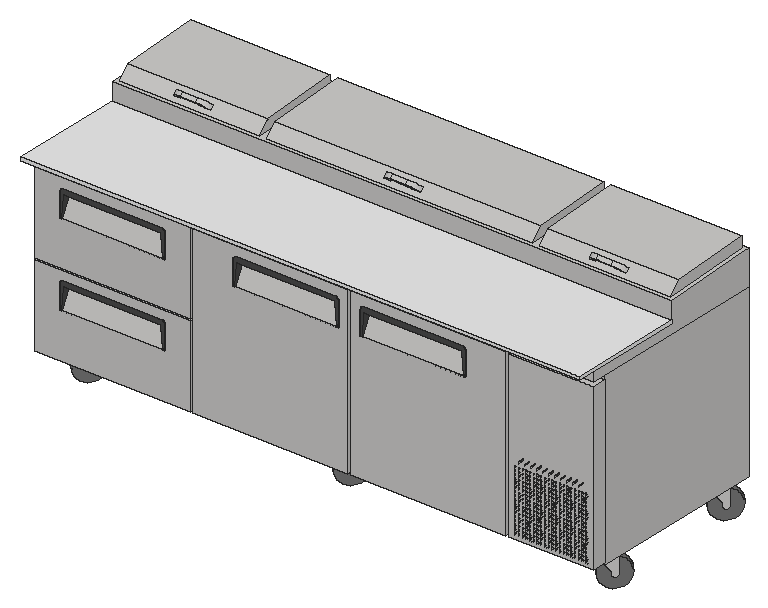
Revit family "QF_Turbo Air_TPR-93SD-D2", category Specialty Equipment, Revit 2012 (continued)
Forms (in)
  Extrusion 17, solid, material "QF_Finishes_Clearances", detail levels coarse
    sketch origin (-20.10094, 0, 0) x (0, 1, 0) y (0, 0, 1)
      loop
        line (-0.43665, 40.16021) -> (0.94312, 41.18404) -> (-6.89696, 51.74983) -> (-9.30056, 52.10578)
        arc (-9.30056, 52.10578) -> (-13.94213, 46.43603) -> (-15.28268, 39.23233) r 14.75
        line (-15.28268, 39.23233) -> (-13.67506, 41.0543) -> (-0.54382, 41.875) -> (-0.43665, 40.16021)
    from 0 to 23.3125
  Extrusion 18, solid, material "QF_Finishes_Stainless Steel"
    sketch origin (4.39906, 0, 0) x (0, 1, 0) y (0, 0, 1)
      loop
        line (-0.43665, 40.16021) -> (-0.54382, 41.875) -> (-13.67506, 41.0543) -> (-15.28268, 39.23233) -> (-0.43665, 40.16021)
    from 0 to 44.4375
  Extrusion 19, solid, material "QF_Finishes_Stainless Steel"
    sketch origin (35.0625, 15.62211, 13.58363) x (1, 0, 0) y (0, -0.749838, 0.661622)
      loop
        line (-6.44469, 40.14331) -> (-5.44469, 40.14331)
        arc (-5.44469, 40.14331) -> (-6.1194, 41.04872) -> (-7.19469, 41.39331) r 1.85
        line (-7.19469, 41.39331) -> (-9.69469, 41.39331)
        arc (-9.69469, 41.39331) -> (-10.76998, 41.04872) -> (-11.44469, 40.14331) r 1.85
        line (-11.44469, 40.14331) -> (-10.44469, 40.14331) -> (-10.44469, 40.64331)
        arc (-10.44469, 40.64331) -> (-10.29824, 40.99687) -> (-9.94469, 41.14331) r 0.5
        line (-9.94469, 41.14331) -> (-6.94469, 41.14331)
        arc (-6.94469, 41.14331) -> (-6.59114, 40.99687) -> (-6.44469, 40.64331) r 0.5
        line (-6.44469, 40.64331) -> (-6.44469, 40.14331)
    from -0.375 to 0.375
  Extrusion 20, solid, material "QF_Finishes_Clearances", detail levels coarse
    sketch origin (-0.96875, -13.97942, 12.21756) x (1, 0, 0) y (0, 0.146492, 0.989212)
      loop
        line (29.58656, 40.14331) -> (30.58656, 40.14331)
        arc (30.58656, 40.14331) -> (29.91185, 41.04872) -> (28.83656, 41.39331) r 1.85
        line (28.83656, 41.39331) -> (26.33656, 41.39331)
        arc (26.33656, 41.39331) -> (25.26127, 41.04872) -> (24.58656, 40.14331) r 1.85
        line (24.58656, 40.14331) -> (25.58656, 40.14331) -> (25.58656, 40.64331)
        arc (25.58656, 40.64331) -> (25.73301, 40.99687) -> (26.08656, 41.14331) r 0.5
        line (26.08656, 41.14331) -> (29.08656, 41.14331)
        arc (29.08656, 41.14331) -> (29.44011, 40.99687) -> (29.58656, 40.64331) r 0.5
        line (29.58656, 40.64331) -> (29.58656, 40.14331)
    from -0.375 to 0.375
  Extrusion 21, solid, material "QF_Finishes_Clearances", detail levels coarse
    sketch origin (4.39906, 0, 0) x (0, 1, 0) y (0, 0, 1)
      loop
        line (-0.43665, 40.16021) -> (0.94312, 41.18404) -> (-6.89696, 51.74983) -> (-9.30056, 52.10578)
        arc (-9.30056, 52.10578) -> (-13.94213, 46.43603) -> (-15.28268, 39.23233) r 14.75
        line (-15.28268, 39.23233) -> (-13.67506, 41.0543) -> (-0.54382, 41.875) -> (-0.43665, 40.16021)
    from 0 to 44.4375
  Extrusion 22, solid, material "QF_Finishes_Black"
    sketch origin (0, -29.875, 0) x (1, 0, 0) y (0, 0, 1)
      loop
        line (6.58656, 32.5625) -> (6.58656, 7.125) -> (30.58656, 7.125) -> (30.58656, 32.5625) -> (6.58656, 32.5625)
    from 0 to 0.5625
Lines and regions (in)
  symbolic lines
    curve 1: line (-20.78844, 0, 0) -> (72.58656, 0, 0)
    curve 2: line (-20.78844, -35.25, 0) -> (-20.78844, 0, 0)
    curve 3: line (72.58656, -35.25, 0) -> (-20.78844, -35.25, 0)
    curve 4: line (72.58656, 0, 0) -> (72.58656, -35.25, 0)
    curve 5: line (-20.78844, -16, 0) -> (72.58656, -16, 0)
    curve 6: line (-20.10094, -0.43665, 0) -> (3.21156, -0.43665, 0)
    curve 7: line (-20.10094, -0.43665, 0) -> (-20.10094, -15.28268, 0)
    curve 8: line (3.21156, -15.28268, 0) -> (-5.92034, -15.28268, 0)
    curve 9: line (3.21156, -15.28268, 0) -> (3.21156, -0.43665, 0)
    curve 10: line (-7.19469, -15.66428, 0) -> (-9.69469, -15.66428, 0)
    curve 11: line (-9.69469, -15.16806, 0) -> (-7.19469, -15.16806, 0)
    curve 12: spline (-9.69469, -15.66428, 0) -> (-9.88559, -15.65687, 0) -> (-10.07446, -15.63473, 0) -> (-10.25927, -15.5981, 0) -> (-10.43805, -15.54736, 0) -> (-10.6089, -15.48306, 0) -> (-10.76998, -15.40589, 0) -> (-10.91958, -15.31666, 0) -> (-11.05611, -15.21633, 0) -> (-11.1781, -15.10598, 0) -> (-11.28425, -14.98677, 0) -> (-11.37343, -14.85999, 0) -> (-11.44469, -14.72698, 0)
    curve 13: spline (-11.44469, -14.23076, 0) -> (-11.37343, -14.36377, 0) -> (-11.28425, -14.49055, 0) -> (-11.1781, -14.60976, 0) -> (-11.05611, -14.72012, 0) -> (-10.91958, -14.82044, 0) -> (-10.76998, -14.90967, 0) -> (-10.6089, -14.98685, 0) -> (-10.43805, -15.05115, 0) -> (-10.25927, -15.10189, 0) -> (-10.07446, -15.13852, 0) -> (-9.88559, -15.16066, 0) -> (-9.69469, -15.16806, 0)
    curve 14: line (-10.44469, -14.23076, 0) -> (-11.44469, -14.23076, 0)
    curve 15: line (-11.44469, -14.23076, 0) -> (-11.44469, -14.72698, 0)
    curve 16: line (-10.44469, -14.60568, 0) -> (-10.44469, -14.23076, 0)
    curve 17: line (-6.94469, -14.9806, 0) -> (-9.94469, -14.9806, 0)
    curve 18: spline (-9.94469, -14.9806, 0) -> (-10.00995, -14.97739, 0) -> (-10.0741, -14.96783, 0) -> (-10.13603, -14.95206, 0) -> (-10.19469, -14.93037, 0) -> (-10.24907, -14.90313, 0) -> (-10.29824, -14.87079, 0) -> (-10.34137, -14.83392, 0) -> (-10.3777, -14.79314, 0) -> (-10.40663, -14.74916, 0) -> (-10.42765, -14.70272, 0) -> (-10.44041, -14.65462, 0) -> (-10.44469, -14.60568, 0)
    curve 19: line (-5.44469, -14.23076, 0) -> (-6.44469, -14.23076, 0)
    curve 20: line (-5.44469, -14.72698, 0) -> (-5.44469, -14.23076, 0)
    curve 21: line (-6.44469, -14.23076, 0) -> (-6.44469, -14.60568, 0)
    curve 22: spline (-6.44469, -14.60568, 0) -> (-6.44897, -14.65462, 0) -> (-6.46173, -14.70272, 0) -> (-6.48275, -14.74916, 0) -> (-6.51168, -14.79314, 0) -> (-6.54801, -14.83392, 0) -> (-6.59114, -14.87079, 0) -> (-6.64031, -14.90313, 0) -> (-6.69469, -14.93037, 0) -> (-6.75335, -14.95206, 0) -> (-6.81528, -14.96783, 0) -> (-6.87943, -14.97739, 0) -> (-6.94469, -14.9806, 0)
    curve 23: spline (-7.19469, -15.16806, 0) -> (-7.00379, -15.16066, 0) -> (-6.81492, -15.13852, 0) -> (-6.63011, -15.10189, 0) -> (-6.45133, -15.05115, 0) -> (-6.28048, -14.98685, 0) -> (-6.1194, -14.90967, 0) -> (-5.9698, -14.82044, 0) -> (-5.83327, -14.72012, 0) -> (-5.71128, -14.60976, 0) -> (-5.60513, -14.49055, 0) -> (-5.51595, -14.36377, 0) -> (-5.44469, -14.23076, 0)
    curve 24: spline (-5.44469, -14.72698, 0) -> (-5.51595, -14.85999, 0) -> (-5.60513, -14.98677, 0) -> (-5.71128, -15.10598, 0) -> (-5.83327, -15.21633, 0) -> (-5.9698, -15.31666, 0) -> (-6.1194, -15.40589, 0) -> (-6.28048, -15.48306, 0) -> (-6.45133, -15.54736, 0) -> (-6.63011, -15.5981, 0) -> (-6.81492, -15.63473, 0) -> (-7.00379, -15.65687, 0) -> (-7.19469, -15.66428, 0)
    curve 25: line (-10.96904, -15.28268, 0) -> (-20.10094, -15.28268, 0)
    curve 26: line (-15.28844, 1, 0) -> (-14.03844, 1, 0)
    curve 27: line (65.83656, 1, 0) -> (67.08656, 1, 0)
    curve 28: line (67.08656, 1, 0) -> (67.08656, 0, 0)
    curve 29: line (65.83656, 1, 0) -> (65.83656, 0, 0)
    curve 30: line (-14.03844, 1, 0) -> (-14.03844, 0, 0)
    curve 31: line (-15.28844, 1, 0) -> (-15.28844, 0, 0)
    curve 50: line (62.21156, -15.66428, 0) -> (59.71156, -15.66428, 0)
    curve 51: line (59.71156, -15.16806, 0) -> (62.21156, -15.16806, 0)
    curve 52: spline (59.71156, -15.66428, 0) -> (59.52066, -15.65687, 0) -> (59.33179, -15.63473, 0) -> (59.14698, -15.5981, 0) -> (58.9682, -15.54736, 0) -> (58.79735, -15.48306, 0) -> (58.63627, -15.40589, 0) -> (58.48667, -15.31666, 0) -> (58.35014, -15.21633, 0) -> (58.22815, -15.10598, 0) -> (58.122, -14.98677, 0) -> (58.03282, -14.85999, 0) -> (57.96156, -14.72698, 0)
    curve 53: spline (57.96156, -14.23076, 0) -> (58.03282, -14.36377, 0) -> (58.122, -14.49055, 0) -> (58.22815, -14.60976, 0) -> (58.35014, -14.72012, 0) -> (58.48667, -14.82044, 0) -> (58.63627, -14.90967, 0) -> (58.79735, -14.98685, 0) -> (58.9682, -15.05115, 0) -> (59.14698, -15.10189, 0) -> (59.33179, -15.13852, 0) -> (59.52066, -15.16066, 0) -> (59.71156, -15.16806, 0)
    curve 54: line (58.96156, -14.23076, 0) -> (57.96156, -14.23076, 0)
    curve 55: line (57.96156, -14.23076, 0) -> (57.96156, -14.72698, 0)
    curve 56: line (58.96156, -14.60568, 0) -> (58.96156, -14.23076, 0)
    curve 57: line (63.96156, -14.23076, 0) -> (62.96156, -14.23076, 0)
    curve 58: line (63.96156, -14.72698, 0) -> (63.96156, -14.23076, 0)
    curve 59: line (62.96156, -14.23076, 0) -> (62.96156, -14.60568, 0)
    curve 60: spline (62.21156, -15.16806, 0) -> (62.40246, -15.16066, 0) -> (62.59133, -15.13852, 0) -> (62.77614, -15.10189, 0) -> (62.95492, -15.05115, 0) -> (63.12577, -14.98685, 0) -> (63.28685, -14.90967, 0) -> (63.43645, -14.82044, 0) -> (63.57298, -14.72012, 0) -> (63.69497, -14.60976, 0) -> (63.80112, -14.49055, 0) -> (63.8903, -14.36377, 0) -> (63.96156, -14.23076, 0)
    curve 61: spline (63.96156, -14.72698, 0) -> (63.8903, -14.85999, 0) -> (63.80112, -14.98677, 0) -> (63.69497, -15.10598, 0) -> (63.57298, -15.21633, 0) -> (63.43645, -15.31666, 0) -> (63.28685, -15.40589, 0) -> (63.12577, -15.48306, 0) -> (62.95492, -15.54736, 0) -> (62.77614, -15.5981, 0) -> (62.59133, -15.63473, 0) -> (62.40246, -15.65687, 0) -> (62.21156, -15.66428, 0)
    curve 65: line (71.89906, -0.43665, 0) -> (50.02406, -0.43665, 0)
    curve 66: line (50.02406, -15.28268, 0) -> (58.43721, -15.28268, 0)
    curve 67: line (50.02406, -0.43665, 0) -> (50.02406, -15.28268, 0)
    curve 68: line (71.89906, -15.28268, 0) -> (71.89906, -0.43665, 0)
    curve 69: line (63.48591, -15.28268, 0) -> (71.89906, -15.28268, 0)
    curve 146: line (27.86781, -15.66428, 0) -> (25.36781, -15.66428, 0)
    curve 147: line (25.36781, -15.16806, 0) -> (27.86781, -15.16806, 0)
    curve 148: spline (25.36781, -15.66428, 0) -> (25.17691, -15.65687, 0) -> (24.98804, -15.63473, 0) -> (24.80323, -15.5981, 0) -> (24.62445, -15.54736, 0) -> (24.4536, -15.48306, 0) -> (24.29252, -15.40589, 0) -> (24.14292, -15.31666, 0) -> (24.00639, -15.21633, 0) -> (23.8844, -15.10598, 0) -> (23.77825, -14.98677, 0) -> (23.68907, -14.85999, 0) -> (23.61781, -14.72698, 0)
    curve 149: spline (23.61781, -14.23076, 0) -> (23.68907, -14.36377, 0) -> (23.77825, -14.49055, 0) -> (23.8844, -14.60976, 0) -> (24.00639, -14.72012, 0) -> (24.14292, -14.82044, 0) -> (24.29252, -14.90967, 0) -> (24.4536, -14.98685, 0) -> (24.62445, -15.05115, 0) -> (24.80323, -15.10189, 0) -> (24.98804, -15.13852, 0) -> (25.17691, -15.16066, 0) -> (25.36781, -15.16806, 0)
    curve 150: line (24.61781, -14.23076, 0) -> (23.61781, -14.23076, 0)
    curve 151: line (23.61781, -14.23076, 0) -> (23.61781, -14.72698, 0)
    curve 152: line (24.61781, -14.60568, 0) -> (24.61781, -14.23076, 0)
    curve 153: line (28.11781, -14.9806, 0) -> (25.11781, -14.9806, 0)
    curve 154: spline (25.11781, -14.9806, 0) -> (25.05255, -14.97739, 0) -> (24.9884, -14.96783, 0) -> (24.92647, -14.95206, 0) -> (24.86781, -14.93037, 0) -> (24.81343, -14.90313, 0) -> (24.76426, -14.87079, 0) -> (24.72113, -14.83392, 0) -> (24.6848, -14.79314, 0) -> (24.65587, -14.74916, 0) -> (24.63485, -14.70272, 0) -> (24.62209, -14.65462, 0) -> (24.61781, -14.60568, 0)
    curve 155: line (29.61781, -14.23076, 0) -> (28.61781, -14.23076, 0)
    curve 156: line (29.61781, -14.72698, 0) -> (29.61781, -14.23076, 0)
    curve 157: line (28.61781, -14.23076, 0) -> (28.61781, -14.60568, 0)
    curve 158: spline (28.61781, -14.60568, 0) -> (28.61353, -14.65462, 0) -> (28.60077, -14.70272, 0) -> (28.57975, -14.74916, 0) -> (28.55082, -14.79314, 0) -> (28.51449, -14.83392, 0) -> (28.47136, -14.87079, 0) -> (28.42219, -14.90313, 0) -> (28.36781, -14.93037, 0) -> (28.30915, -14.95206, 0) -> (28.24722, -14.96783, 0) -> (28.18307, -14.97739, 0) -> (28.11781, -14.9806, 0)
    curve 159: spline (27.86781, -15.16806, 0) -> (28.05871, -15.16066, 0) -> (28.24758, -15.13852, 0) -> (28.43239, -15.10189, 0) -> (28.61117, -15.05115, 0) -> (28.78202, -14.98685, 0) -> (28.9431, -14.90967, 0) -> (29.0927, -14.82044, 0) -> (29.22923, -14.72012, 0) -> (29.35122, -14.60976, 0) -> (29.45737, -14.49055, 0) -> (29.54655, -14.36377, 0) -> (29.61781, -14.23076, 0)
    curve 160: spline (29.61781, -14.72698, 0) -> (29.54655, -14.85999, 0) -> (29.45737, -14.98677, 0) -> (29.35122, -15.10598, 0) -> (29.22923, -15.21633, 0) -> (29.0927, -15.31666, 0) -> (28.9431, -15.40589, 0) -> (28.78202, -15.48306, 0) -> (28.61117, -15.54736, 0) -> (28.43239, -15.5981, 0) -> (28.24758, -15.63473, 0) -> (28.05871, -15.65687, 0) -> (27.86781, -15.66428, 0)
    curve 252: line (4.39906, -0.43665, 0) -> (4.39906, -15.28268, 0)
    curve 253: line (4.39906, -15.28268, 0) -> (24.09346, -15.28268, 0)
    curve 254: line (48.83656, -15.28268, 0) -> (48.83656, -0.43665, 0)
    curve 255: line (48.83656, -0.43665, 0) -> (4.39906, -0.43665, 0)
    curve 256: line (29.14216, -15.28268, 0) -> (48.83656, -15.28268, 0)
  symbolic lines, style "QF_Surface Details"
    curve 32: line (-11.31969, -14.5625, 0) -> (-5.56969, -14.5625, 0)
    curve 33: line (-5.00719, -14, 0) -> (-5.00719, -2.375, 0)
    curve 34: line (-5.56969, -1.8125, 0) -> (-11.31969, -1.8125, 0)
    curve 35: line (-11.88219, -14, 0) -> (-11.88219, -2.375, 0)
    curve 36: arc (-5.56969, -1.8125, 0) -> (-5.17194, -1.97725, 0) -> (-5.00719, -2.375, 0) r 0.5625
    curve 37: arc (-11.31969, -1.8125, 0) -> (-11.71744, -1.97725, 0) -> (-11.88219, -2.375, 0) r 0.5625
    curve 38: arc (-11.88219, -14, 0) -> (-11.71744, -14.39775, 0) -> (-11.31969, -14.5625, 0) r 0.5625
    curve 39: arc (-5.00719, -14, 0) -> (-5.17194, -14.39775, 0) -> (-5.56969, -14.5625, 0) r 0.5625
    curve 40: line (-5.56969, -12.625, 0) -> (-5.56969, -3.75, 0)
    curve 41: line (-6.94469, -2.375, 0) -> (-9.94469, -2.375, 0)
    curve 42: line (-9.94469, -14, 0) -> (-6.94469, -14, 0)
    curve 43: line (-11.31969, -12.625, 0) -> (-11.31969, -3.75, 0)
    curve 44: arc (-9.94469, -2.375, 0) -> (-10.91696, -2.77773, 0) -> (-11.31969, -3.75, 0) r 1.375
    curve 45: arc (-6.94469, -2.375, 0) -> (-5.97242, -2.77773, 0) -> (-5.56969, -3.75, 0) r 1.375
    curve 46: arc (-5.56969, -12.625, 0) -> (-5.97242, -13.59727, 0) -> (-6.94469, -14, 0) r 1.375
    curve 47: arc (-9.94469, -14, 0) -> (-10.91696, -13.59727, 0) -> (-11.31969, -12.625, 0) r 1.375
    curve 70: line (50.64906, -14, 0) -> (50.64906, -2.375, 0)
    curve 71: line (51.21156, -14.5625, 0) -> (56.96156, -14.5625, 0)
    curve 72: line (57.52406, -14, 0) -> (57.52406, -2.375, 0)
    curve 73: line (56.96156, -1.8125, 0) -> (51.21156, -1.8125, 0)
    curve 74: arc (56.96156, -1.8125, 0) -> (57.35931, -1.97725, 0) -> (57.52406, -2.375, 0) r 0.5625
    curve 75: arc (51.21156, -1.8125, 0) -> (50.81381, -1.97725, 0) -> (50.64906, -2.375, 0) r 0.5625
    curve 76: arc (57.52406, -14, 0) -> (57.35931, -14.39775, 0) -> (56.96156, -14.5625, 0) r 0.5625
    curve 77: line (56.96156, -12.625, 0) -> (56.96156, -3.75, 0)
    curve 78: line (55.58656, -2.375, 0) -> (52.58656, -2.375, 0)
    curve 79: line (52.58656, -14, 0) -> (55.58656, -14, 0)
    curve 80: line (51.21156, -12.625, 0) -> (51.21156, -3.75, 0)
    curve 81: arc (52.58656, -2.375, 0) -> (51.61429, -2.77773, 0) -> (51.21156, -3.75, 0) r 1.375
    curve 82: arc (55.58656, -2.375, 0) -> (56.55883, -2.77773, 0) -> (56.96156, -3.75, 0) r 1.375
    curve 83: arc (56.96156, -12.625, 0) -> (56.55883, -13.59727, 0) -> (55.58656, -14, 0) r 1.375
    curve 84: arc (52.58656, -14, 0) -> (51.61429, -13.59727, 0) -> (51.21156, -12.625, 0) r 1.375
    curve 85: arc (50.64906, -14, 0) -> (50.81381, -14.39775, 0) -> (51.21156, -14.5625, 0) r 0.5625
    curve 86: line (58.08656, -14.5625, 0) -> (63.83656, -14.5625, 0)
    curve 87: line (64.39906, -14, 0) -> (64.39906, -2.375, 0)
    curve 88: line (63.83656, -1.8125, 0) -> (58.08656, -1.8125, 0)
    curve 89: arc (63.83656, -1.8125, 0) -> (64.23431, -1.97725, 0) -> (64.39906, -2.375, 0) r 0.5625
    curve 90: arc (58.08656, -1.8125, 0) -> (57.68881, -1.97725, 0) -> (57.52406, -2.375, 0) r 0.5625
    curve 91: arc (64.39906, -14, 0) -> (64.23431, -14.39775, 0) -> (63.83656, -14.5625, 0) r 0.5625
    curve 92: line (63.83656, -12.625, 0) -> (63.83656, -3.75, 0)
    curve 93: line (62.46156, -2.375, 0) -> (59.46156, -2.375, 0)
    curve 94: line (59.46156, -14, 0) -> (62.46156, -14, 0)
    curve 95: line (58.08656, -12.625, 0) -> (58.08656, -3.75, 0)
    curve 96: arc (59.46156, -2.375, 0) -> (58.48929, -2.77773, 0) -> (58.08656, -3.75, 0) r 1.375
    curve 97: arc (62.46156, -2.375, 0) -> (63.43383, -2.77773, 0) -> (63.83656, -3.75, 0) r 1.375
    curve 98: arc (63.83656, -12.625, 0) -> (63.43383, -13.59727, 0) -> (62.46156, -14, 0) r 1.375
    curve 99: arc (59.46156, -14, 0) -> (58.48929, -13.59727, 0) -> (58.08656, -12.625, 0) r 1.375
    curve 100: arc (57.52406, -14, 0) -> (57.68881, -14.39775, 0) -> (58.08656, -14.5625, 0) r 0.5625
    curve 101: line (64.96156, -14.5625, 0) -> (70.71156, -14.5625, 0)
    curve 102: line (71.27406, -14, 0) -> (71.27406, -2.375, 0)
    curve 103: line (70.71156, -1.8125, 0) -> (64.96156, -1.8125, 0)
    curve 104: arc (70.71156, -1.8125, 0) -> (71.10931, -1.97725, 0) -> (71.27406, -2.375, 0) r 0.5625
    curve 105: arc (64.96156, -1.8125, 0) -> (64.56381, -1.97725, 0) -> (64.39906, -2.375, 0) r 0.5625
    curve 106: arc (71.27406, -14, 0) -> (71.10931, -14.39775, 0) -> (70.71156, -14.5625, 0) r 0.5625
    curve 107: line (70.71156, -12.625, 0) -> (70.71156, -3.75, 0)
    curve 108: line (69.33656, -2.375, 0) -> (66.33656, -2.375, 0)
    curve 109: line (66.33656, -14, 0) -> (69.33656, -14, 0)
    curve 110: line (64.96156, -12.625, 0) -> (64.96156, -3.75, 0)
    curve 111: arc (66.33656, -2.375, 0) -> (65.36429, -2.77773, 0) -> (64.96156, -3.75, 0) r 1.375
    curve 112: arc (69.33656, -2.375, 0) -> (70.30883, -2.77773, 0) -> (70.71156, -3.75, 0) r 1.375
    curve 113: arc (70.71156, -12.625, 0) -> (70.30883, -13.59727, 0) -> (69.33656, -14, 0) r 1.375
    curve 114: arc (66.33656, -14, 0) -> (65.36429, -13.59727, 0) -> (64.96156, -12.625, 0) r 1.375
    curve 115: arc (64.39906, -14, 0) -> (64.56381, -14.39775, 0) -> (64.96156, -14.5625, 0) r 0.5625
    curve 116: line (-18.19469, -14.5625, 0) -> (-12.44469, -14.5625, 0)
    curve 117: line (-12.44469, -1.8125, 0) -> (-18.19469, -1.8125, 0)
    curve 118: line (-18.75719, -14, 0) -> (-18.75719, -2.375, 0)
    curve 119: arc (-12.44469, -1.8125, 0) -> (-12.04694, -1.97725, 0) -> (-11.88219, -2.375, 0) r 0.5625
    curve 120: arc (-18.19469, -1.8125, 0) -> (-18.59244, -1.97725, 0) -> (-18.75719, -2.375, 0) r 0.5625
    curve 121: arc (-18.75719, -14, 0) -> (-18.59244, -14.39775, 0) -> (-18.19469, -14.5625, 0) r 0.5625
    curve 122: arc (-11.88219, -14, 0) -> (-12.04694, -14.39775, 0) -> (-12.44469, -14.5625, 0) r 0.5625
    curve 123: line (-12.44469, -12.625, 0) -> (-12.44469, -3.75, 0)
    curve 124: line (-13.81969, -2.375, 0) -> (-16.81969, -2.375, 0)
    curve 125: line (-16.81969, -14, 0) -> (-13.81969, -14, 0)
    curve 126: line (-18.19469, -12.625, 0) -> (-18.19469, -3.75, 0)
    curve 127: arc (-16.81969, -2.375, 0) -> (-17.79196, -2.77773, 0) -> (-18.19469, -3.75, 0) r 1.375
    curve 128: arc (-13.81969, -2.375, 0) -> (-12.84742, -2.77773, 0) -> (-12.44469, -3.75, 0) r 1.375
    curve 129: arc (-12.44469, -12.625, 0) -> (-12.84742, -13.59727, 0) -> (-13.81969, -14, 0) r 1.375
    curve 130: arc (-16.81969, -14, 0) -> (-17.79196, -13.59727, 0) -> (-18.19469, -12.625, 0) r 1.375
    curve 131: line (1.30531, -14.5625, 0) -> (-4.44469, -14.5625, 0)
    curve 132: line (-4.44469, -1.8125, 0) -> (1.30531, -1.8125, 0)
    curve 133: line (1.86781, -14, 0) -> (1.86781, -2.375, 0)
    curve 134: arc (-4.44469, -1.8125, 0) -> (-4.84244, -1.97725, 0) -> (-5.00719, -2.375, 0) r 0.5625
    curve 135: arc (1.30531, -1.8125, 0) -> (1.70306, -1.97725, 0) -> (1.86781, -2.375, 0) r 0.5625
    curve 136: arc (1.86781, -14, 0) -> (1.70306, -14.39775, 0) -> (1.30531, -14.5625, 0) r 0.5625
    curve 137: arc (-5.00719, -14, 0) -> (-4.84244, -14.39775, 0) -> (-4.44469, -14.5625, 0) r 0.5625
    curve 138: line (-4.44469, -12.625, 0) -> (-4.44469, -3.75, 0)
    curve 139: line (-3.06969, -2.375, 0) -> (-0.06969, -2.375, 0)
    curve 140: line (-0.06969, -14, 0) -> (-3.06969, -14, 0)
    curve 141: line (1.30531, -12.625, 0) -> (1.30531, -3.75, 0)
    curve 142: arc (-0.06969, -2.375, 0) -> (0.90258, -2.77773, 0) -> (1.30531, -3.75, 0) r 1.375
    curve 143: arc (-3.06969, -2.375, 0) -> (-4.04196, -2.77773, 0) -> (-4.44469, -3.75, 0) r 1.375
    curve 144: arc (-4.44469, -12.625, 0) -> (-4.04196, -13.59727, 0) -> (-3.06969, -14, 0) r 1.375
    curve 145: arc (-0.06969, -14, 0) -> (0.90258, -13.59727, 0) -> (1.30531, -12.625, 0) r 1.375
    curve 161: line (20.30531, -14.5625, 0) -> (26.05531, -14.5625, 0)
    curve 162: line (26.61781, -14, 0) -> (26.61781, -2.375, 0)
    curve 163: line (26.05531, -1.8125, 0) -> (20.30531, -1.8125, 0)
    curve 164: line (19.74281, -14, 0) -> (19.74281, -2.375, 0)
    curve 165: arc (26.05531, -1.8125, 0) -> (26.45306, -1.97725, 0) -> (26.61781, -2.375, 0) r 0.5625
    curve 166: arc (20.30531, -1.8125, 0) -> (19.90756, -1.97725, 0) -> (19.74281, -2.375, 0) r 0.5625
    curve 167: arc (19.74281, -14, 0) -> (19.90756, -14.39775, 0) -> (20.30531, -14.5625, 0) r 0.5625
    curve 168: arc (26.61781, -14, 0) -> (26.45306, -14.39775, 0) -> (26.05531, -14.5625, 0) r 0.5625
    curve 169: line (26.05531, -12.625, 0) -> (26.05531, -3.75, 0)
    curve 170: line (24.68031, -2.375, 0) -> (21.68031, -2.375, 0)
    curve 171: line (21.68031, -14, 0) -> (24.68031, -14, 0)
    curve 172: line (20.30531, -12.625, 0) -> (20.30531, -3.75, 0)
    curve 173: arc (21.68031, -2.375, 0) -> (20.70804, -2.77773, 0) -> (20.30531, -3.75, 0) r 1.375
    curve 174: arc (24.68031, -2.375, 0) -> (25.65258, -2.77773, 0) -> (26.05531, -3.75, 0) r 1.375
    curve 175: arc (26.05531, -12.625, 0) -> (25.65258, -13.59727, 0) -> (24.68031, -14, 0) r 1.375
    curve 176: arc (21.68031, -14, 0) -> (20.70804, -13.59727, 0) -> (20.30531, -12.625, 0) r 1.375
    curve 177: line (13.43031, -14.5625, 0) -> (19.18031, -14.5625, 0)
    curve 178: line (19.18031, -1.8125, 0) -> (13.43031, -1.8125, 0)
    curve 179: line (12.86781, -14, 0) -> (12.86781, -2.375, 0)
    curve 180: arc (19.18031, -1.8125, 0) -> (19.57806, -1.97725, 0) -> (19.74281, -2.375, 0) r 0.5625
    curve 181: arc (13.43031, -1.8125, 0) -> (13.03256, -1.97725, 0) -> (12.86781, -2.375, 0) r 0.5625
    curve 182: arc (12.86781, -14, 0) -> (13.03256, -14.39775, 0) -> (13.43031, -14.5625, 0) r 0.5625
    curve 183: arc (19.74281, -14, 0) -> (19.57806, -14.39775, 0) -> (19.18031, -14.5625, 0) r 0.5625
    curve 184: line (19.18031, -12.625, 0) -> (19.18031, -3.75, 0)
    curve 185: line (17.80531, -2.375, 0) -> (14.80531, -2.375, 0)
    curve 186: line (14.80531, -14, 0) -> (17.80531, -14, 0)
    curve 187: line (13.43031, -12.625, 0) -> (13.43031, -3.75, 0)
    curve 188: arc (14.80531, -2.375, 0) -> (13.83304, -2.77773, 0) -> (13.43031, -3.75, 0) r 1.375
    curve 189: arc (17.80531, -2.375, 0) -> (18.77758, -2.77773, 0) -> (19.18031, -3.75, 0) r 1.375
    curve 190: arc (19.18031, -12.625, 0) -> (18.77758, -13.59727, 0) -> (17.80531, -14, 0) r 1.375
    curve 191: arc (14.80531, -14, 0) -> (13.83304, -13.59727, 0) -> (13.43031, -12.625, 0) r 1.375
    curve 192: line (32.93031, -14.5625, 0) -> (27.18031, -14.5625, 0)
    curve 193: line (27.18031, -1.8125, 0) -> (32.93031, -1.8125, 0)
    curve 194: line (33.49281, -14, 0) -> (33.49281, -2.375, 0)
    curve 195: arc (27.18031, -1.8125, 0) -> (26.78256, -1.97725, 0) -> (26.61781, -2.375, 0) r 0.5625
    curve 196: arc (32.93031, -1.8125, 0) -> (33.32806, -1.97725, 0) -> (33.49281, -2.375, 0) r 0.5625
    curve 197: arc (33.49281, -14, 0) -> (33.32806, -14.39775, 0) -> (32.93031, -14.5625, 0) r 0.5625
    curve 198: arc (26.61781, -14, 0) -> (26.78256, -14.39775, 0) -> (27.18031, -14.5625, 0) r 0.5625
    curve 199: line (27.18031, -12.625, 0) -> (27.18031, -3.75, 0)
    curve 200: line (28.55531, -2.375, 0) -> (31.55531, -2.375, 0)
    curve 201: line (31.55531, -14, 0) -> (28.55531, -14, 0)
    curve 202: line (32.93031, -12.625, 0) -> (32.93031, -3.75, 0)
    curve 203: arc (31.55531, -2.375, 0) -> (32.52758, -2.77773, 0) -> (32.93031, -3.75, 0) r 1.375
    curve 204: arc (28.55531, -2.375, 0) -> (27.58304, -2.77773, 0) -> (27.18031, -3.75, 0) r 1.375
    curve 205: arc (27.18031, -12.625, 0) -> (27.58304, -13.59727, 0) -> (28.55531, -14, 0) r 1.375
    curve 206: arc (31.55531, -14, 0) -> (32.52758, -13.59727, 0) -> (32.93031, -12.625, 0) r 1.375
    curve 207: line (6.55531, -14.5625, 0) -> (12.30531, -14.5625, 0)
    curve 208: line (12.30531, -1.8125, 0) -> (6.55531, -1.8125, 0)
    curve 209: line (5.99281, -14, 0) -> (5.99281, -2.375, 0)
    curve 210: arc (12.30531, -1.8125, 0) -> (12.70306, -1.97725, 0) -> (12.86781, -2.375, 0) r 0.5625
    curve 211: arc (6.55531, -1.8125, 0) -> (6.15756, -1.97725, 0) -> (5.99281, -2.375, 0) r 0.5625
    curve 212: arc (5.99281, -14, 0) -> (6.15756, -14.39775, 0) -> (6.55531, -14.5625, 0) r 0.5625
    curve 213: arc (12.86781, -14, 0) -> (12.70306, -14.39775, 0) -> (12.30531, -14.5625, 0) r 0.5625
    curve 214: line (12.30531, -12.625, 0) -> (12.30531, -3.75, 0)
    curve 215: line (10.93031, -2.375, 0) -> (7.93031, -2.375, 0)
    curve 216: line (7.93031, -14, 0) -> (10.93031, -14, 0)
    curve 217: line (6.55531, -12.625, 0) -> (6.55531, -3.75, 0)
    curve 218: arc (7.93031, -2.375, 0) -> (6.95804, -2.77773, 0) -> (6.55531, -3.75, 0) r 1.375
    curve 219: arc (10.93031, -2.375, 0) -> (11.90258, -2.77773, 0) -> (12.30531, -3.75, 0) r 1.375
    curve 220: arc (12.30531, -12.625, 0) -> (11.90258, -13.59727, 0) -> (10.93031, -14, 0) r 1.375
    curve 221: arc (7.93031, -14, 0) -> (6.95804, -13.59727, 0) -> (6.55531, -12.625, 0) r 1.375
    curve 222: line (39.80531, -14.5625, 0) -> (34.05531, -14.5625, 0)
    curve 223: line (34.05531, -1.8125, 0) -> (39.80531, -1.8125, 0)
    curve 224: line (40.36781, -14, 0) -> (40.36781, -2.375, 0)
    curve 225: arc (34.05531, -1.8125, 0) -> (33.65756, -1.97725, 0) -> (33.49281, -2.375, 0) r 0.5625
    curve 226: arc (39.80531, -1.8125, 0) -> (40.20306, -1.97725, 0) -> (40.36781, -2.375, 0) r 0.5625
    curve 227: arc (40.36781, -14, 0) -> (40.20306, -14.39775, 0) -> (39.80531, -14.5625, 0) r 0.5625
    curve 228: arc (33.49281, -14, 0) -> (33.65756, -14.39775, 0) -> (34.05531, -14.5625, 0) r 0.5625
    curve 229: line (34.05531, -12.625, 0) -> (34.05531, -3.75, 0)
    curve 230: line (35.43031, -2.375, 0) -> (38.43031, -2.375, 0)
    curve 231: line (38.43031, -14, 0) -> (35.43031, -14, 0)
    curve 232: line (39.80531, -12.625, 0) -> (39.80531, -3.75, 0)
    curve 233: arc (38.43031, -2.375, 0) -> (39.40258, -2.77773, 0) -> (39.80531, -3.75, 0) r 1.375
    curve 234: arc (35.43031, -2.375, 0) -> (34.45804, -2.77773, 0) -> (34.05531, -3.75, 0) r 1.375
    curve 235: arc (34.05531, -12.625, 0) -> (34.45804, -13.59727, 0) -> (35.43031, -14, 0) r 1.375
    curve 236: arc (38.43031, -14, 0) -> (39.40258, -13.59727, 0) -> (39.80531, -12.625, 0) r 1.375
    curve 237: line (46.68031, -14.5625, 0) -> (40.93031, -14.5625, 0)
    curve 238: line (40.93031, -1.8125, 0) -> (46.68031, -1.8125, 0)
    curve 239: line (47.24281, -14, 0) -> (47.24281, -2.375, 0)
    curve 240: arc (40.93031, -1.8125, 0) -> (40.53256, -1.97725, 0) -> (40.36781, -2.375, 0) r 0.5625
    curve 241: arc (46.68031, -1.8125, 0) -> (47.07806, -1.97725, 0) -> (47.24281, -2.375, 0) r 0.5625
    curve 242: arc (47.24281, -14, 0) -> (47.07806, -14.39775, 0) -> (46.68031, -14.5625, 0) r 0.5625
    curve 243: arc (40.36781, -14, 0) -> (40.53256, -14.39775, 0) -> (40.93031, -14.5625, 0) r 0.5625
    curve 244: line (40.93031, -12.625, 0) -> (40.93031, -3.75, 0)
    curve 245: line (42.30531, -2.375, 0) -> (45.30531, -2.375, 0)
    curve 246: line (45.30531, -14, 0) -> (42.30531, -14, 0)
    curve 247: line (46.68031, -12.625, 0) -> (46.68031, -3.75, 0)
    curve 248: arc (45.30531, -2.375, 0) -> (46.27758, -2.77773, 0) -> (46.68031, -3.75, 0) r 1.375
    curve 249: arc (42.30531, -2.375, 0) -> (41.33304, -2.77773, 0) -> (40.93031, -3.75, 0) r 1.375
    curve 250: arc (40.93031, -12.625, 0) -> (41.33304, -13.59727, 0) -> (42.30531, -14, 0) r 1.375
    curve 251: arc (45.30531, -14, 0) -> (46.27758, -13.59727, 0) -> (46.68031, -12.625, 0) r 1.375
  symbolic lines, style "QF_Clearances", detail levels coarse
    curve 48: line (57.96156, -35.25, 0) -> (57.96156, -58.2696, 0)
    curve 49: arc (57.96156, -58.2696, 0) -> (40.65606, -51.68037, 0) -> (32.11548, -35.25, 0) r 26.0196
    curve 257: line (-20.78844, -35.25, 0) -> (-20.78844, -57.375, 0)
    curve 258: line (-20.78844, -57.375, 0) -> (5.21156, -57.375, 0)
    curve 259: line (5.21156, -57.375, 0) -> (5.21156, -35.25, 0)
    curve 260: line (5.58656, -35.25, 0) -> (5.58656, -58.2696, 0)
    curve 261: arc (5.58656, -58.2696, 0) -> (22.89206, -51.68037, 0) -> (31.43264, -35.25, 0) r 26.0196
  symbolic lines, style "SpecialityEquipment"
    curve 62: spline (59.46156, -14.9806, 0) -> (59.3963, -14.97739, 0) -> (59.33215, -14.96783, 0) -> (59.27022, -14.95206, 0) -> (59.21156, -14.93037, 0) -> (59.15718, -14.90313, 0) -> (59.10801, -14.87079, 0) -> (59.06488, -14.83392, 0) -> (59.02855, -14.79314, 0) -> (58.99962, -14.74916, 0) -> (58.9786, -14.70272, 0) -> (58.96584, -14.65462, 0) -> (58.96156, -14.60568, 0)
    curve 63: line (62.46156, -14.9806, 0) -> (59.46156, -14.9806, 0)
    curve 64: spline (62.96156, -14.60568, 0) -> (62.95728, -14.65462, 0) -> (62.94452, -14.70272, 0) -> (62.9235, -14.74916, 0) -> (62.89457, -14.79314, 0) -> (62.85824, -14.83392, 0) -> (62.81511, -14.87079, 0) -> (62.76594, -14.90313, 0) -> (62.71156, -14.93037, 0) -> (62.6529, -14.95206, 0) -> (62.59097, -14.96783, 0) -> (62.52682, -14.97739, 0) -> (62.46156, -14.9806, 0)
Dimensions and locks (in)
  plane 4 "RIGHT" to plane 3 "LEFT" = 7' - 9 3/8"
  locked: plane 6 "FRONT" to plane 1 "BACK" at 35.25
  locked: plane 6 "FRONT" to plane 5 "Front of Door" at 3
  locked: plane 7 "Front of Pans" to plane 1 "BACK" at 16
  locked: plane 8 "Left of Compressor" to plane 4 "RIGHT" at 14.125
  plane 3 "LEFT" to plane 9 "Right of Left Door" = 2' - 2"
  "CasterLeg Height": plane 10 "Bottom" to plane 2
  locked: plane 12 "Door Clearance" to plane 11 "TOP" at 11.375
  locked: plane 11 "TOP" to plane 10 "Bottom" at 36
  locked: plane 13 "Work Top" to plane 10 "Bottom" at 30
  locked: plane 13 "Work Top" to plane 14 at 1.5625
  locked: plane 14 to plane 15 "Top of Door" at 0.75
  locked: plane 16 "Bottom of Door" to plane 10 "Bottom" at 0.25
  locked: plane 1 "BACK" to plane 17 "Back Stops" at 1
  locked: plane 5 "Front of Door" to plane 18 "Front of Box" at 2.375
  locked: Extrusion 2 sketch curve to plane 13 "Work Top" at 3.3125
  locked: Extrusion 2 sketch curve to plane 14 at 5.875
  locked: plane 3 "LEFT" to plane 19 "Left of Left Lid" at 0.6875
  locked: plane 11 "TOP" to Extrusion 3 sketch curve at 1.71479
  locked: plane 11 "TOP" to Extrusion 3 sketch curve at 0.8207
  locked: plane 11 "TOP" to Extrusion 3 sketch curve at 2.64267
  locked: plane 7 "Front of Pans" to Extrusion 3 sketch curve at 0.71732
  locked: plane 7 "Front of Pans" to Extrusion 3 sketch curve at 2.32494
  locked: Extrusion 3 sketch curve to plane 1 "BACK" at 0.43665
  locked: Extrusion 3 sketch curve to plane 1 "BACK" at 0.54382
  locked: plane 11 "TOP" to plane 22 "Handle Elevation" at 1.73169
  locked: plane 23 "Handle Center FB" to plane 1 "BACK" at 14.47887
  locked: plane 21 "Handle Center of Left Lid" to Extrusion 4 sketch curve at 2
  locked: Extrusion 4 sketch curve to plane 21 "Handle Center of Left Lid" at 2
  locked: plane 21 "Handle Center of Left Lid" to Extrusion 4 sketch curve at 3
  locked: Extrusion 4 sketch curve to plane 21 "Handle Center of Left Lid" at 3
  locked: plane 21 "Handle Center of Left Lid" to Extrusion 4 sketch curve at 1.5
  locked: plane 21 "Handle Center of Left Lid" to Extrusion 4 sketch curve at 1.25
  locked: Extrusion 4 sketch curve to plane 21 "Handle Center of Left Lid" at 1.5
  locked: Extrusion 4 sketch curve to plane 21 "Handle Center of Left Lid" at 1.25
  locked: plane 11 "TOP" to Extrusion 4 at 0.62347
  locked: plane 11 "TOP" to Extrusion 4 at 1.18585
  locked: plane 15 "Top of Door" to Extrusion 5 sketch curve at 1
  locked: Extrusion 5 sketch curve to plane 3 "LEFT" at 1
  locked: Extrusion 5 sketch curve to plane 9 "Right of Left Door" at 1
  locked: Extrusion 5 sketch curve to plane 16 "Bottom of Door" at 1
  locked: Extrusion 7 sketch curve to plane 8 "Left of Compressor" at 0.5
  locked: Extrusion 7 sketch curve to plane 4 "RIGHT" at 0.5
  locked: Extrusion 7 sketch curve to plane 16 "Bottom of Door" at 0.5
  locked: Extrusion 7 sketch curve to Extrusion 7 sketch curve at 12.5
  locked: Extrusion 8 sketch curve to plane 13 "Work Top" at 0.5
  locked: plane 3 "LEFT" to nested 1 at 2.8125
  locked: nested 1 to plane 1 "BACK" at 3.1875
  locked: plane 3 "LEFT" to nested 2 at 2.8125
  locked: plane 18 "Front of Box" to nested 2 at 3.5
  locked: nested 3 to plane 4 "RIGHT" at 2.8125
  locked: nested 3 to plane 1 "BACK" at 3.1875
  locked: nested 4 to plane 4 "RIGHT" at 2.8125
  locked: plane 18 "Front of Box" to nested 4 at 3.5
  locked: Extrusion 9 sketch curve to plane 3 "LEFT" at 6.125
  locked: plane 4 "RIGHT" to Extrusion 9 sketch curve at 6.125
  locked: plane 14 to Extrusion 9 sketch curve at 4.8125  (x2)
  locked: Extrusion 10 sketch curve to plane 10 "Bottom" at 6.125
  locked: plane 4 "RIGHT" to Extrusion 10 sketch curve at 7.0625
  locked: plane 25 "Left of Right Door" to plane 24 "Right of Right Door" at 26
  locked: plane 24 "Right of Right Door" to plane 8 "Left of Compressor" at 0.5
  locked: Extrusion 11 sketch curve to plane 25 "Left of Right Door" at 1
  locked: plane 15 "Top of Door" to Extrusion 11 sketch curve at 1
  locked: Extrusion 11 sketch curve to plane 16 "Bottom of Door" at 1
  locked: Extrusion 11 sketch curve to plane 24 "Right of Right Door" at 1
  locked: plane 27 "Left of Right Lid" to plane 20 "Right of Right Lid" at 21.875
  plane 19 "Left of Left Lid" to plane 26 "Right of Left Lid" = 1' - 11 5/16"
  equal spacing: plane 19 "Left of Left Lid", plane 21 "Handle Center of Left Lid", plane 26 "Right of Left Lid"
  locked: plane 20 "Right of Right Lid" to plane 4 "RIGHT" at 0.6875
  locked: plane 28 "Handle Center Right Lid" to Extrusion 12 sketch curve at 2
  locked: Extrusion 12 sketch curve to plane 28 "Handle Center Right Lid" at 2
  locked: plane 28 "Handle Center Right Lid" to Extrusion 12 sketch curve at 3
  locked: Extrusion 12 sketch curve to plane 28 "Handle Center Right Lid" at 3
  locked: plane 28 "Handle Center Right Lid" to Extrusion 12 sketch curve at 1.5
  locked: plane 28 "Handle Center Right Lid" to Extrusion 12 sketch curve at 1.25
  locked: Extrusion 12 sketch curve to plane 28 "Handle Center Right Lid" at 1.5
  locked: Extrusion 12 sketch curve to plane 28 "Handle Center Right Lid" at 1.25
  equal spacing: plane 27 "Left of Right Lid", plane 28 "Handle Center Right Lid", plane 20 "Right of Right Lid"
  locked: plane 11 "TOP" to Extrusion 12 at 1.18585
  locked: plane 11 "TOP" to Extrusion 12 at 0.62347
  locked: plane 12 "Door Clearance" to Extrusion 13 at 0.03074
  locked: plane 12 "Door Clearance" to Extrusion 13 at 0.14061
  locked: plane 26 "Right of Left Lid" to plane 29 "Left of Middle Lid" at 1.1875
  locked: plane 30 "Right of Middle Lid" to plane 27 "Left of Right Lid" at 1.1875
  equal spacing: plane 29 "Left of Middle Lid", plane 31 "Handle Center Middle Lid", plane 30 "Right of Middle Lid"
  locked: plane 12 "Door Clearance" to Extrusion 16 at 0.14061
  locked: plane 12 "Door Clearance" to Extrusion 16 at 0.03074
  locked: plane 11 "TOP" to Extrusion 19 at 0.62347
  locked: plane 11 "TOP" to Extrusion 19 at 1.18585
  locked: plane 12 "Door Clearance" to Extrusion 20 at 0.14061
  locked: plane 12 "Door Clearance" to Extrusion 20 at 0.03074
  locked: plane 32 "Left of Middle Door" to plane 33 "Right of Middle Door" at 26
  locked: plane 9 "Right of Left Door" to plane 32 "Left of Middle Door" at 0.375
  locked: plane 15 "Top of Door" to Extrusion 22 sketch curve at 1
  locked: Extrusion 22 sketch curve to plane 32 "Left of Middle Door" at 1
  locked: Extrusion 22 sketch curve to plane 33 "Right of Middle Door" at 1
  locked: Extrusion 22 sketch curve to plane 16 "Bottom of Door" at 1
  locked: nested 7 to plane 1 "BACK" at 3.1875
  locked: plane 18 "Front of Box" to nested 8 at 3.5
  equal spacing: plane 3 "LEFT", nested 7, plane 4 "RIGHT"
  equal spacing: plane 3 "LEFT", nested 8, plane 4 "RIGHT"
  locked: plane 34 "Front of Drawer Clearance" to plane 1 "BACK" at 57.375
  aligned and locked: level to plane 2
  aligned and locked: plane 10 "Bottom" to Extrusion 1 sketch curve
  aligned and locked: plane 1 "BACK" to Extrusion 1 sketch curve
  aligned and locked: Extrusion 1 sketch curve to plane 14
  aligned and locked: Extrusion 1 sketch curve to plane 18 "Front of Box"
  aligned and locked: plane 4 "RIGHT" to Extrusion 1
  aligned and locked: Extrusion 2 sketch curve to plane 5 "Front of Door"
  aligned and locked: Extrusion 2 sketch curve to plane 13 "Work Top"
  aligned and locked: Extrusion 2 sketch curve to plane 7 "Front of Pans"
  aligned and locked: plane 14 to Extrusion 2 sketch curve
  aligned and locked: Extrusion 2 sketch curve to plane 1 "BACK"
  aligned and locked: plane 4 "RIGHT" to Extrusion 2
  aligned and locked: plane 11 "TOP" to Extrusion 3 sketch curve
  aligned and locked: Extrusion 4 to Extrusion 3
  aligned and locked: Extrusion 6 sketch curve to plane 4 "RIGHT"
  aligned and locked: plane 16 "Bottom of Door" to Extrusion 6 sketch curve
  aligned and locked: plane 8 "Left of Compressor" to Extrusion 6 sketch curve
  aligned and locked: Extrusion 6 sketch curve to plane 15 "Top of Door"
  aligned and locked: plane 5 "Front of Door" to Extrusion 6
  aligned and locked: plane 13 "Work Top" to Extrusion 8 sketch curve
  aligned and locked: plane 7 "Front of Pans" to Extrusion 8 sketch curve
  aligned and locked: Extrusion 8 sketch curve to plane 6 "FRONT"
  aligned and locked: plane 4 "RIGHT" to Extrusion 8
  aligned and locked: Extrusion 9 to plane 17 "Back Stops"
  aligned and locked: plane 1 "BACK" to curve 1
  aligned and locked: plane 3 "LEFT" to curve 2
  aligned and locked: curve 3 to plane 6 "FRONT"
  aligned and locked: curve 4 to plane 4 "RIGHT"
  aligned and locked: curve 6 to Extrusion 3
  aligned and locked: curve 7 to Extrusion 3
  aligned and locked: curve 8 to Extrusion 3
  aligned and locked: curve 9 to Extrusion 3
  aligned and locked: curve 10 to Extrusion 4
  aligned and locked: curve 11 to Extrusion 4
  aligned and locked: curve 14 to Extrusion 4
  aligned and locked: curve 15 to Extrusion 4
  aligned and locked: Extrusion 4 to curve 16
  aligned and locked: curve 17 to Extrusion 4
  aligned and locked: curve 19 to Extrusion 4
  aligned and locked: curve 20 to Extrusion 4
  aligned and locked: curve 21 to Extrusion 4
  aligned and locked: curve 26 to Extrusion 9
  aligned and locked: curve 27 to Extrusion 9
  aligned and locked: nested 5 to plane 15 "Top of Door"
  aligned and locked: plane 25 "Left of Right Door" to nested 5
  aligned and locked: plane 16 "Bottom of Door" to nested 5
  aligned and locked: curve 50 to Extrusion 12
  aligned and locked: curve 51 to Extrusion 12
  aligned and locked: curve 54 to Extrusion 12
  aligned and locked: curve 55 to Extrusion 12
  aligned and locked: Extrusion 12 to curve 56
  aligned and locked: curve 57 to Extrusion 12
  aligned and locked: curve 58 to Extrusion 12
  aligned and locked: curve 59 to Extrusion 12
  aligned and locked: plane 26 "Right of Left Lid" to Extrusion 3
  aligned and locked: Extrusion 15 sketch curve to Extrusion 14  (x3)
  aligned and locked: plane 20 "Right of Right Lid" to Extrusion 15
  aligned and locked: plane 20 "Right of Right Lid" to Extrusion 14
  aligned and locked: curve 63 to Extrusion 12
  aligned and locked: curve 65 to Extrusion 15
  aligned and locked: curve 66 to Extrusion 15
  aligned and locked: curve 67 to Extrusion 14
  aligned and locked: curve 68 to Extrusion 14
  aligned and locked: Extrusion 13 to Extrusion 15
  aligned and locked: Extrusion 15 to Extrusion 12
  aligned and locked: Extrusion 16 to Extrusion 17  (x2)
  aligned and locked: plane 26 "Right of Left Lid" to Extrusion 17
  aligned and locked: Extrusion 19 to Extrusion 18
  aligned and locked: curve 146 to Extrusion 19
  aligned and locked: curve 147 to Extrusion 19
  aligned and locked: curve 150 to Extrusion 19
  aligned and locked: curve 151 to Extrusion 19
  aligned and locked: Extrusion 19 to curve 152
  aligned and locked: curve 153 to Extrusion 19
  aligned and locked: curve 155 to Extrusion 19
  aligned and locked: curve 156 to Extrusion 19
  aligned and locked: curve 157 to Extrusion 19
  aligned and locked: Extrusion 20 to Extrusion 21  (x2)
  aligned and locked: plane 30 "Right of Middle Lid" to Extrusion 21
  aligned and locked: plane 30 "Right of Middle Lid" to Extrusion 18
  aligned and locked: Extrusion 17 to Extrusion 4
  aligned and locked: plane 24 "Right of Right Door" to nested 5
  aligned and locked: plane 16 "Bottom of Door" to nested 6
  aligned and locked: nested 6 to plane 15 "Top of Door"
  aligned and locked: Extrusion 21 to curve 252
  aligned and locked: curve 253 to Extrusion 21
  aligned and locked: Extrusion 21 to curve 254
  aligned and locked: curve 255 to Extrusion 21
  aligned and locked: plane 15 "Top of Door" to nested 9
  aligned and locked: plane 3 "LEFT" to nested 9
  aligned and locked: plane 9 "Right of Left Door" to nested 9
  aligned and locked: nested 9 to plane 16 "Bottom of Door"
  aligned and locked: plane 32 "Left of Middle Door" to nested 6
  aligned and locked: plane 33 "Right of Middle Door" to nested 6
Automatic sketch dimensions
  plane 5 "Front of Door" to curve 261 = 0' - 0"
  curve 259 to plane 9 "Right of Left Door" = 0' - 0"
  curve 165 to plane 31 "Handle Center Middle Lid" = 0' - 0"
  curve 49 to plane 24 "Right of Right Door" = 0' - 0"
  plane 34 "Front of Drawer Clearance" to curve 258 = 0' - 0"
  plane 5 "Front of Door" to curve 49 = 0' - 0"
  plane 7 "Front of Pans" to curve 5 = 0' - 0"
  curve 118 to plane 23 "Handle Center FB" = 0' - 0.47887"
  plane 19 "Left of Left Lid" to curve 118 = 0' - 1 11/32"
  curve 120 to curve 120 = 0' - 0 9/16"
  curve 118 to curve 121 = 0' - 0 9/16"
  curve 126 to curve 121 = 0' - 0"
  curve 130 to curve 130 = 0' - 1 3/8"
  curve 120 to curve 124 = 0' - 1 3/8"
  curve 124 to curve 26 = 0' - 1 17/32"
  curve 31 to curve 30 = 0' - 1 1/4"
  curve 129 to plane 23 "Handle Center FB" = 0' - 0.47887"
  curve 129 to curve 14 = 0' - 2 3/8"
  curve 30 to curve 124 = 0' - 0 7/32"
  curve 128 to curve 123 = 0' - 1 3/8"
  curve 122 to curve 15 = 0' - 1"
  curve 124 to curve 117 = 0' - 1 3/8"
  curve 35 to plane 23 "Handle Center FB" = 0' - 0.47887"
  curve 13 to curve 38 = 0' - 0 1/8"
  curve 128 to curve 44 = 0' - 1 1/8"
  curve 119 to curve 34 = 0' - 0 9/16"
  curve 12 to curve 25 = 0' - 0.47565"
  curve 16 to curve 17 = 0' - 0 1/2"
  curve 14 to curve 42 = 0' - 0 1/2"
  curve 43 to curve 44 = 0' - 1 3/8"
  curve 47 to curve 13 = 0' - 0 1/4"
  curve 47 to curve 12 = 0' - 0 1/4"
  plane 21 "Handle Center of Left Lid" to curve 13 = 0' - 0.6"
  curve 12 to plane 23 "Handle Center FB" = 0' - 0.20179"
  curve 12 to curve 13 = 0' - 0"
  curve 13 to curve 23 = 0' - 0.65"
  curve 10 to curve 11 = 0' - 0"
  curve 11 to curve 17 = 0' - 0 1/4"
  plane 21 "Handle Center of Left Lid" to curve 41 = 0' - 1 1/2"
  curve 23 to curve 46 = 0' - 0 1/4"
  curve 8 to curve 20 = 0' - 0.47565"
  curve 41 to curve 34 = 0' - 1 3/8"
  curve 46 to curve 46 = 0' - 1 3/8"
  curve 32 to curve 20 = 0' - 0 1/8"
  curve 23 to curve 24 = 0' - 0.1"
  curve 39 to curve 23 = 0' - 0.225"
  curve 23 to curve 33 = 0' - 0.3375"
  plane 23 "Handle Center FB" to curve 137 = 0' - 0.08363"
  curve 40 to curve 138 = 0' - 1 1/8"
  curve 36 to curve 132 = 0' - 0 9/16"
  curve 140 to plane 23 "Handle Center FB" = 0' - 0.47887"
  curve 137 to curve 140 = 0' - 1 3/8"
  curve 143 to curve 143 = 0' - 1 3/8"
  curve 144 to curve 145 = 0' - 3"
  curve 143 to curve 142 = 0' - 3"
  curve 142 to curve 142 = 0' - 1 3/8"
  curve 139 to curve 135 = 0' - 1 3/8"
  curve 145 to curve 136 = 0' - 1 3/8"
  curve 135 to curve 135 = 0' - 0 9/16"
  plane 29 "Left of Middle Lid" to curve 261 = 0' - 1 3/16"
  plane 32 "Left of Middle Door" to curve 211 = 0' - 0 13/32"
  plane 23 "Handle Center FB" to curve 207 = 0' - 0.08363"
  curve 212 to curve 207 = 0' - 0 9/16"
  plane 32 "Left of Middle Door" to curve 217 = 0' - 0 31/32"
  curve 209 to curve 208 = 0' - 0 9/16"
  curve 211 to curve 215 = 0' - 1 3/8"
  curve 216 to plane 23 "Handle Center FB" = 0' - 0.47887"
  curve 212 to curve 216 = 0' - 1 3/8"
  curve 215 to curve 219 = 0' - 3"
  curve 221 to curve 220 = 0' - 3"
  curve 219 to curve 214 = 0' - 1 3/8"
  curve 220 to curve 213 = 0' - 1 3/8"
  curve 215 to curve 208 = 0' - 1 3/8"
  curve 210 to curve 210 = 0' - 0 9/16"
  curve 210 to curve 181 = 0' - 0 9/16"
  plane 23 "Handle Center FB" to curve 177 = 0' - 0.08363"
  curve 214 to curve 187 = 0' - 1 1/8"
  curve 191 to plane 23 "Handle Center FB" = 0' - 0.47887"
  curve 182 to curve 191 = 0' - 1 3/8"
  curve 181 to curve 188 = 0' - 1 3/8"
  curve 188 to curve 189 = 0' - 3"
  curve 186 to curve 190 = 0' - 3"
  curve 185 to curve 178 = 0' - 1 3/8"
  curve 189 to curve 180 = 0' - 0"
  curve 186 to curve 177 = 0' - 1 3/8"
  curve 180 to curve 164 = 0' - 0 9/16"
  curve 189 to curve 172 = 0' - 1 1/8"
  curve 180 to curve 163 = 0' - 0 9/16"
  curve 183 to curve 167 = 0' - 0 9/16"
  curve 172 to curve 176 = 0' - 1 3/8"
  curve 172 to curve 173 = 0' - 1 3/8"
  curve 151 to curve 253 = 0' - 0.47565"
  curve 170 to curve 195 = 0' - 1 15/16"
  curve 150 to curve 175 = 0' - 0 1/16"
  curve 154 to curve 153 = 0' - 0 1/2"
  curve 154 to curve 147 = 0' - 0 1/4"
  curve 148 to curve 149 = 0' - 0"
  curve 165 to plane 31 "Handle Center Middle Lid" = 0' - 0 9/16"
  curve 175 to plane 31 "Handle Center Middle Lid" = 0' - 0 9/16"
  curve 154 to curve 161 = 0' - 0 7/16"
  plane 31 "Handle Center Middle Lid" to curve 195 = 0' - 0 9/16"
  plane 31 "Handle Center Middle Lid" to curve 205 = 0' - 0 9/16"
  plane 23 "Handle Center FB" to curve 192 = 0' - 0.08363"
  curve 148 to plane 23 "Handle Center FB" = 0' - 0.20179"
  curve 198 to curve 149 = 0' - 0.0375"
  curve 198 to curve 147 = 0' - 0 11/16"
  curve 146 to curve 147 = 0' - 0"
  plane 23 "Handle Center FB" to curve 158 = 0' - 0.12681"
  curve 160 to curve 158 = 0' - 0 1/4"
  curve 195 to curve 204 = 0' - 1 3/8"
  curve 201 to curve 155 = 0' - 0 1/16"
  curve 256 to curve 156 = 0' - 0.47565"
  curve 261 to plane 33 "Right of Middle Door" = 0' - 0.15392"
  curve 159 to curve 160 = 0' - 0.1"
  curve 155 to curve 159 = 0' - 0.1"
  curve 203 to plane 33 "Right of Middle Door" = 0' - 0 1/32"
  curve 206 to plane 33 "Right of Middle Door" = 0' - 0 1/32"
  plane 25 "Left of Right Door" to curve 49 = 0' - 0.15392"
  plane 25 "Left of Right Door" to curve 202 = 0' - 0 31/32"
  curve 197 to plane 23 "Handle Center FB" = 0' - 0.47887"
  plane 25 "Left of Right Door" to curve 197 = 0' - 0 31/32"
  curve 193 to curve 196 = 0' - 0 9/16"
  curve 206 to curve 229 = 0' - 1 1/8"
  curve 196 to curve 225 = 0' - 0 9/16"
  curve 197 to curve 228 = 0' - 0 9/16"
  curve 234 to curve 234 = 0' - 1 3/8"
  curve 235 to curve 235 = 0' - 1 3/8"
  curve 230 to curve 230 = 0' - 3"
  curve 236 to plane 23 "Handle Center FB" = 0' - 0.47887"
  curve 231 to curve 236 = 0' - 3"
  curve 231 to curve 227 = 0' - 1 3/8"
  curve 236 to curve 227 = 0' - 0"
  curve 230 to curve 226 = 0' - 1 3/8"
  curve 227 to plane 23 "Handle Center FB" = 0' - 0.47887"
  curve 236 to curve 244 = 0' - 1 1/8"
  curve 227 to curve 243 = 0' - 0 9/16"
  curve 224 to curve 238 = 0' - 0 9/16"
  curve 249 to curve 249 = 0' - 1 3/8"
  curve 250 to curve 250 = 0' - 1 3/8"
  curve 245 to curve 245 = 0' - 3"
  curve 246 to plane 23 "Handle Center FB" = 0' - 0.47887"
  curve 250 to curve 246 = 0' - 3"
  curve 246 to curve 242 = 0' - 1 3/8"
  curve 248 to curve 248 = 0' - 1 3/8"
  curve 245 to curve 241 = 0' - 1 3/8"
  curve 242 to plane 23 "Handle Center FB" = 0' - 0.47887"
  plane 27 "Left of Right Lid" to curve 75 = 0' - 0 5/8"
  plane 23 "Handle Center FB" to curve 85 = 0' - 0.08363"
  curve 70 to curve 85 = 0' - 0 9/16"
  plane 27 "Left of Right Lid" to curve 80 = 0' - 1 3/16"
  curve 75 to curve 73 = 0' - 0 9/16"
  curve 80 to curve 84 = 0' - 1 3/8"
  curve 80 to curve 81 = 0' - 1 3/8"
  curve 78 to plane 24 "Right of Right Door" = 0' - 2 3/8"
  curve 83 to plane 24 "Right of Right Door" = 0' - 2 3/8"
  curve 83 to plane 24 "Right of Right Door" = 0' - 1"
  curve 76 to plane 23 "Handle Center FB" = 0' - 0.47887"
  curve 76 to plane 24 "Right of Right Door" = 0' - 1"
  curve 73 to curve 72 = 0' - 0 9/16"
  plane 24 "Right of Right Door" to curve 90 = 0' - 0 1/8"
  plane 24 "Right of Right Door" to curve 99 = 0' - 0 1/8"
  plane 24 "Right of Right Door" to curve 100 = 0' - 0 1/8"
  curve 66 to plane 8 "Left of Compressor" = 0' - 0.02435"
  plane 8 "Left of Compressor" to curve 96 = 0' - 1"
  curve 56 to curve 63 = 0' - 0 1/2"
  curve 54 to curve 94 = 0' - 0 1/2"
  curve 62 to curve 50 = 0' - 0 1/4"
  curve 62 to curve 53 = 0' - 0 1/4"
  plane 28 "Handle Center Right Lid" to curve 53 = 0' - 0.6"
  curve 52 to plane 23 "Handle Center FB" = 0' - 0.20179"
  curve 51 to curve 59 = 0' - 0 3/4"
  curve 50 to curve 60 = 0' - 0"
  plane 28 "Handle Center Right Lid" to curve 93 = 0' - 1 1/2"
  curve 60 to curve 98 = 0' - 0 1/4"
  plane 23 "Handle Center FB" to curve 64 = 0' - 0.12681"
  curve 61 to curve 64 = 0' - 0 1/4"
  curve 69 to curve 58 = 0' - 0.47565"
  curve 97 to curve 97 = 0' - 1 3/8"
  curve 91 to curve 58 = 0' - 0 1/8"
  curve 93 to curve 89 = 0' - 1 3/8"
  curve 60 to curve 61 = 0' - 0.1"
  curve 91 to curve 60 = 0' - 0.225"
  curve 60 to curve 115 = 0' - 0.3375"
  curve 92 to curve 114 = 0' - 1 1/8"
  curve 91 to curve 115 = 0' - 0 9/16"
  curve 89 to curve 105 = 0' - 0 9/16"
  curve 103 to curve 27 = 0' - 0 7/8"
  curve 110 to curve 111 = 0' - 1 3/8"
  curve 114 to plane 23 "Handle Center FB" = 0' - 0.47887"
  curve 115 to curve 114 = 0' - 1 3/8"
  curve 27 to curve 28 = 0' - 1 1/4"
  curve 109 to plane 20 "Right of Right Lid" = 0' - 2 9/16"
  curve 112 to plane 20 "Right of Right Lid" = 0' - 2 9/16"
  curve 101 to plane 20 "Right of Right Lid" = 0' - 1 3/16"
  curve 113 to plane 20 "Right of Right Lid" = 0' - 1 3/16"
  curve 103 to plane 20 "Right of Right Lid" = 0' - 1 3/16"
  curve 102 to plane 23 "Handle Center FB" = 0' - 0.47887"
  curve 68 to plane 7 "Front of Pans" = 0' - 0.71732"
  curve 254 to plane 7 "Front of Pans" = 0' - 0.71732"
  plane 23 "Handle Center FB" to curve 62 = 0' - 0.12681"
  plane 23 "Handle Center FB" to curve 16 = 0' - 0.12681"
  plane 23 "Handle Center FB" to curve 152 = 0' - 0.12681"
  plane 23 "Handle Center FB" to curve 21 = 0' - 0.12681"
  curve 83 to plane 23 "Handle Center FB" = 0' - 0.47887"
  curve 171 to plane 23 "Handle Center FB" = 0' - 0.47887"
  curve 42 to curve 13 = 0' - 0.21914"
  curve 94 to curve 53 = 0' - 0.21914"
  curve 206 to plane 23 "Handle Center FB" = 0' - 0.47887"
  plane 1 "BACK" to curve 96 = 0' - 3 3/4"
  plane 1 "BACK" to curve 45 = 0' - 3 3/4"
  plane 1 "BACK" to curve 204 = 0' - 3 3/4"
  plane 1 "BACK" to curve 244 = 0' - 3 3/4"
  curve 233 to curve 244 = 0' - 0"
  curve 107 to curve 65 = 0' - 3.31335"
  curve 82 to curve 95 = 0' - 0"
  curve 169 to curve 199 = 0' - 0"
  curve 40 to curve 143 = 0' - 0"
  plane 1 "BACK" to curve 214 = 0' - 3 3/4"
  curve 123 to curve 43 = 0' - 0"
  curve 189 to curve 173 = 0' - 0"
  curve 80 to curve 70 = 0' - 1 3/8"
  curve 214 to curve 181 = 0' - 1 3/8"
  curve 128 to curve 37 = 0' - 1 3/8"
  Extrusion 4 sketch curve to Extrusion 4 sketch curve = 0' - 0"
  Extrusion 4 sketch curve to Extrusion 4 sketch curve = 0' - 0.6"
  Extrusion 4 sketch curve to Extrusion 4 sketch curve = 0' - 0 1/2"
  plane 8 "Left of Compressor" to Extrusion 6 sketch curve = 0' - 0 15/16"  (x4)
  Extrusion 6 sketch curve to Extrusion 6 sketch curve = 0' - 0"  (x297)
  Extrusion 6 sketch curve to Extrusion 6 sketch curve = 0' - 0 3/8"  (x464)
  Extrusion 6 sketch curve to Extrusion 6 sketch curve = 0' - 0 1/4"  (x560)
  Extrusion 6 sketch curve to Extrusion 6 sketch curve = 0' - 0.05806"
  Extrusion 6 sketch curve to Extrusion 6 sketch curve = 0' - 0.08839"  (x64)
  Extrusion 6 sketch curve to plane 28 "Handle Center Right Lid" = 0' - 0.17233"
  Extrusion 6 sketch curve to plane 28 "Handle Center Right Lid" = 0' - 0.08395"
  plane 28 "Handle Center Right Lid" to Extrusion 6 sketch curve = 0' - 0.00444"
  plane 28 "Handle Center Right Lid" to Extrusion 6 sketch curve = 0' - 0 1/16"  (x17)
